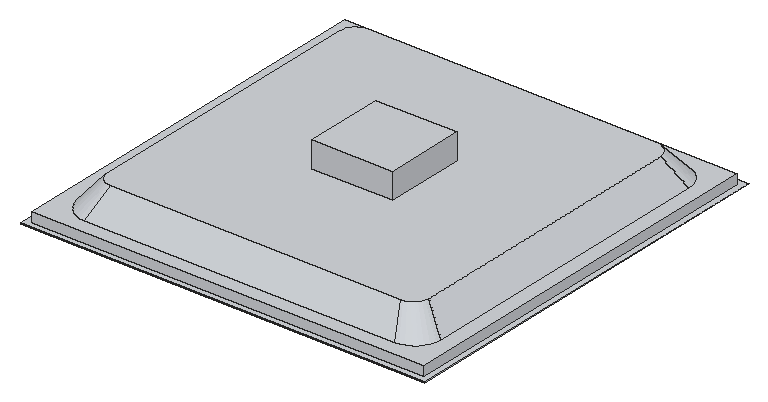
Revit family "3PD-LAYIN-SQUARE NECK", category Air Terminals, Revit 2018
Family settings
  Round Connector Dimension = Use Diameter
  Part Type = Normal
  OmniClass Number = 23.75.00.00
  OmniClass Title = Climate Control (HVAC)
  Work Plane-Based = No
  Always vertical = Yes
  Cut with Voids When Loaded = No
  Shared = No
  Room Calculation Point = No
Parameters (values of type "3PD-L, 05" SQUARE, ALUM")
  URL = "https://www.anemostat-hvac.com"
  Topdim = 1' - 6 13/16"
  TopRad = 0' - 0 115/128"
  Square Collar = Neck Size - 0' 0 1/4"  # 0' - 4 3/4"
  SecondLevel = 0' - 1 1/2"
  Neck Size = 0' - 5"
  Model = "3PD"
  Middim = 1' - 9 7/32"
  Wall23 = 1' - 11"
  Material = Aluminum
  Manufacturer = "ANEMOSTAT PRODUCTS"
  FirstLevel = 0' - 0 147/256"
  Description = "Perforated Ceiling Return/Exhaust; Ducted 24x24 Module Size"
  CollarHi = 0' - 1 1/2"
  Round Collar = Neck Size - 0' 0 1/8"  # 0' - 4 7/8"
  Botdim = 1' - 10 15/32"
  BotRad = 0' - 0 3/8"
  Basethickness = 0' - 0 9/256"
  Basedim = 1' - 11 3/4"
Types (16): name | Square Collar | Neck Size | Material | Round Collar
  (no name) | 0' - 4 3/4" | 0' - 5" | Aluminum | 0' - 4 7/8"
  3PD-L, 18" SQUARE, ALUM | 1' - 5 3/4" | 1' - 6" | Aluminum | 1' - 5 7/8"
  3PD-L, 18" SQUARE, STEEL | 1' - 5 3/4" | 1' - 6" | STEEL | 1' - 5 7/8"
  3PD-L, 16" SQUARE, STEEL | 1' - 3 3/4" | 1' - 4" | STEEL | 1' - 3 7/8"
  3PD-L, 14" SQUARE, STEEL | 1' - 1 3/4" | 1' - 2" | STEEL | 1' - 1 7/8"
  3PD-L, 12" SQUARE, STEEL | 0' - 11 3/4" | 1' - 0" | STEEL | 0' - 11 7/8"
  3PD-L, 10" SQUARE, STEEL | 0' - 9 3/4" | 0' - 10" | STEEL | 0' - 9 7/8"
  3PD-L, 16" SQUARE, ALUM | 1' - 3 3/4" | 1' - 4" | Aluminum | 1' - 3 7/8"
  3PD-L, 14" SQUARE, ALUM | 1' - 1 3/4" | 1' - 2" | Aluminum | 1' - 1 7/8"
  3PD-L, 12" SQUARE, ALUM | 0' - 11 3/4" | 1' - 0" | Aluminum | 0' - 11 7/8"
  3PD-L, 10" SQUARE, ALUM | 0' - 9 3/4" | 0' - 10" | Aluminum | 0' - 9 7/8"
  3PD-L, 09" SQUARE, ALUM | 0' - 8 3/4" | 0' - 9" | Aluminum | 0' - 8 7/8"
  3PD-L, 08" SQUARE, ALUM | 0' - 7 3/4" | 0' - 8" | Aluminum | 0' - 7 7/8"
  3PD-L, 07" SQUARE, ALUM | 0' - 6 3/4" | 0' - 7" | Aluminum | 0' - 6 7/8"
  3PD-L, 06" SQUARE, ALUM | 0' - 5 3/4" | 0' - 6" | Aluminum | 0' - 5 7/8"
  3PD-L, 05" SQUARE, ALUM | 0' - 4 3/4" | 0' - 5" | Aluminum | 0' - 4 7/8"
Reference planes (in)
  plane 1 "Center (Front/Back)": y = 0
  plane 2: z = 0
  plane 3 "Center (Left/Right)": x = 0
Forms (in)
  Extrusion 1, solid
    sketch origin (0, 0, 0) x (1, 0, 0) y (0, 1, 0)
      loop
        line (-11.875, 11.875) -> (-11.875, -11.875) -> (11.875, -11.875) -> (11.875, 11.875) -> (-11.875, 11.875)
    from 0 to 0.03516 <- "Basethickness"
  Extrusion 2, solid
    sketch origin (0, 0, 0) x (1, 0, 0) y (0, 1, 0)
      loop
        line (-11.5, 11.5) -> (-11.5, -11.5) -> (11.5, -11.5) -> (11.5, 11.5) -> (-11.5, 11.5)
    from 0 to 0.57422 <- "FirstLevel"
  Blend 3, solid
    base sketch origin (0, 0, 0.57422) x (1, 0, 0) y (0, 1, 0)
      loop
        arc (-9.10937, 10.60937) -> (-10.17004, 10.17004) -> (-10.60937, 9.10937) r 1.5
        line (-10.60937, 9.10937) -> (-10.60937, -9.10938)
        arc (-10.60937, -9.10938) -> (-10.17004, -10.17004) -> (-9.10937, -10.60938) r 1.5
        line (-9.10937, -10.60938) -> (9.10938, -10.60938)
        arc (9.10938, -10.60938) -> (10.17004, -10.17004) -> (10.60938, -9.10938) r 1.5
        line (10.60938, -9.10938) -> (10.60938, 9.10937)
        arc (10.60938, 9.10937) -> (10.17004, 10.17004) -> (9.10938, 10.60937) r 1.5
        line (9.10938, 10.60937) -> (-9.10937, 10.60937)
    top sketch origin (0, 0, 0.57422) x (1, 0, 0) y (0, 1, 0)
      loop
        arc (-8.50781, 9.40625) -> (-9.1431, 9.1431) -> (-9.40625, 8.50781) r 0.89844
        line (-9.40625, 8.50781) -> (-9.40625, -8.50781)
        arc (-9.40625, -8.50781) -> (-9.1431, -9.1431) -> (-8.50781, -9.40625) r 0.89844
        line (-8.50781, -9.40625) -> (8.50781, -9.40625)
        arc (8.50781, -9.40625) -> (9.1431, -9.1431) -> (9.40625, -8.50781) r 0.89844
        line (9.40625, -8.50781) -> (9.40625, 8.50781)
        arc (9.40625, 8.50781) -> (9.1431, 9.1431) -> (8.50781, 9.40625) r 0.89844
        line (8.50781, 9.40625) -> (-8.50781, 9.40625)
    from 0 to 1.5 <- "SecondLevel"
  Extrusion 4, solid
    sketch origin (0, 0, 2.07422) x (1, 0, 0) y (0, 1, 0)
      loop
        line (-2.375, 2.375) -> (-2.375, -2.375) -> (2.375, -2.375) -> (2.375, 2.375) -> (-2.375, 2.375)
    from 0 to 1.5 <- "CollarHi"
Dimensions and locks (in)
  equal spacing: Extrusion 1 sketch curve, plane 3 "Center (Left/Right)", Extrusion 1 sketch curve
  equal spacing: Extrusion 1 sketch curve, plane 1 "Center (Front/Back)", Extrusion 1 sketch curve
  "Basedim": Extrusion 1 sketch curve to Extrusion 1 sketch curve  (x2)
  equal spacing: Extrusion 2 sketch curve, plane 3 "Center (Left/Right)", Extrusion 2 sketch curve
  equal spacing: Extrusion 2 sketch curve, plane 1 "Center (Front/Back)", Extrusion 2 sketch curve
  "Wall23": Extrusion 2 sketch curve to Extrusion 2 sketch curve  (x2)
  equal spacing: Blend 3 sketch curve, plane 3 "Center (Left/Right)", Blend 3 sketch curve  (x2)
  equal spacing: Blend 3 sketch curve, plane 1 "Center (Front/Back)", Blend 3 sketch curve  (x2)
  "Middim": Blend 3 sketch curve to Blend 3 sketch curve  (x2)
  "Topdim": Blend 3 sketch curve to Blend 3 sketch curve  (x2)
  equal spacing: Extrusion 4 sketch curve, plane 3 "Center (Left/Right)", Extrusion 4 sketch curve
  equal spacing: Extrusion 4 sketch curve, plane 1 "Center (Front/Back)", Extrusion 4 sketch curve
  "Square Collar": Extrusion 4 sketch curve to Extrusion 4 sketch curve  (x2)
  "TopRad": radius of Blend 3 sketch curve  (x4)
  "CollarHi": radius of Blend 3 sketch curve  (x4)
  aligned and locked: level to plane 2
Connectors (in)
  hvac at (0, 0, 3.57422), driven by "Neck Size", driven by "Neck Size"
    settings: on Extrusion 4, index 1, duct flow 0 CFM, flow factor 0, pres drop 0.00 in-wg, loss coef 0, conn angle 0.00°, conn width 5", conn height 5", conn diameter 24", duct sys type 3, conn prof type 1, flow config 0, flow direction 2, loss method 0, conn ref index -1, conn util no, is conn primary yes, conn desc ""
